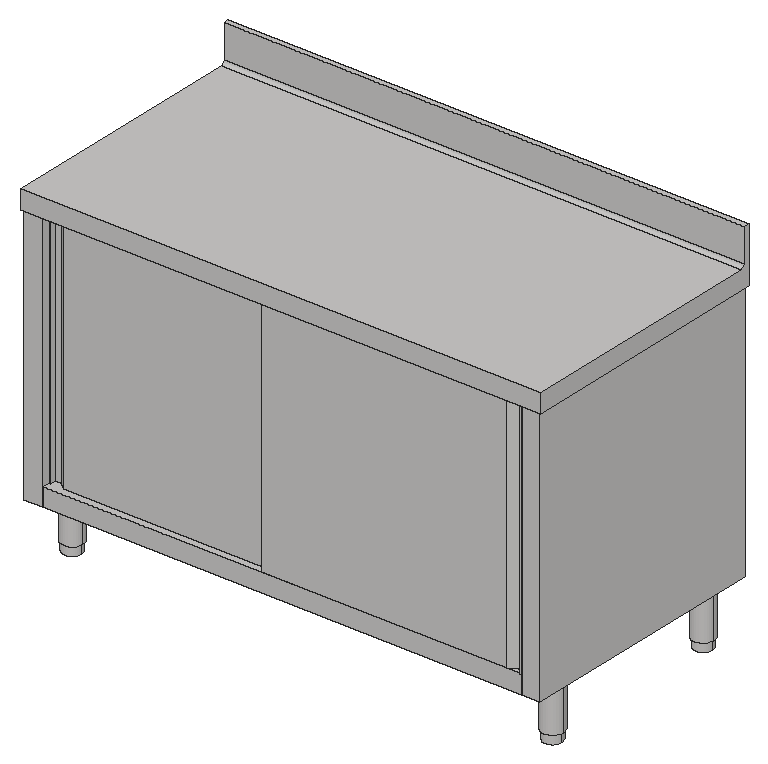
Revit family "QF_ELECTROLUXPROFESSIONAL_132864_MS1417N", category Attrezzature speciali, Revit 2020
Family settings
  Quota connettore circolare = Usa diametro
  Tipo di parte = Normale
  Basato su piano di lavoro = No
  Sempre verticale = Sì
  Taglio con vuoti quando caricato = No
  Condiviso = No
  Punto di calcolo locali = No
Parameters (values of type "Standard")
  Weight = 60.00 kg
  Watts = 0 W
  Volts = 0 V
  URL Manufacturer = "https://www.electroluxprofessional.com/"
  URL = "https://www.electroluxprofessional.com/"
  Steam Supply Size = 0 mm
  Steam Supply Minimum Pressure = 0.0 Pa
  Steam Supply Maximum Pressure = 0.0 Pa
  Steam Consumption per Hour = 0
  Refrigeration Suction Line Size = 0.0 mm
  Refrigeration Liquid Line Size = 0.0 mm
  Refrigerant Compressor Remote = yes
  Prospetto di default = 0.0 mm
  Produttore = "Electrolux Professional"
  Phase = 0
  Modello = "MS1417N"
  Length Actual = 1400.0 mm  # constant formula
  Item Number = "132864"
  Hot Water Size = 0 mm
  Height Actual = 1000.0 mm  # constant formula
  HP = "0 HP"
  Gas Size = 0 mm
  Gas KW = 0
  Gas Input Pressure = 0 W
  Direct Waste Size = 0 mm
  Descrizione = "WORKTOP CUPBOARD WITH UPSTAND 1400MM"
  Depth Actual = 700.0 mm  # constant formula
  Cycle = 0 Hz
  Condensate Return Size = 0 mm
  Compressed Air Volume = 0.0 L/s
  Compressed Air Size = 0 mm
  Compressed Air Pressure = 0.0 Pa
  Cold Water Size = 0 mm
  Accessory = yes
Reference planes
  plane 1 "Center (Front/Back)": y = 0
  plane 2: z = 0
  plane 3 "Center (Left/Right)": x = -200
  plane 4 "LEFT": x = -900
  plane 5 "RIGHT": x = 500
  plane 6 "BACK": y = 350
  plane 7 "FRONT": y = -350
  plane 8 "Base": z = 850
  plane 9 "TOP": z = 900
  plane 10: x = -846.9
  plane 11: x = 446.9
  plane 12: y = 264.5
  plane 13: y = -241.9
  plane 14 "BodyLeft": x = -894.5
  plane 15 "BodyFront": y = -344.5
  plane 16 "BodyRight": x = 494.5
  plane 17 "BodyBack": y = 344.5
  plane 18 "FEET": z = 150
  plane 19: x = -144.5
  plane 20: x = -255.5
Forms (mm)
  Extrusion 1, solid, material "QF_Finishes_Stainless Steel"
    sketch origin (-200, 0, 0) x (0, 1, 0) y (0, 0, 1)
      loop
        line (-350, 850) -> (350, 850) -> (350, 1000) -> (337, 1000) -> (337, 910)
        arc (337, 910) -> (334.071, 902.929) -> (327, 900) r 10
        line (327, 900) -> (-350, 900) -> (-350, 850)
    from 700 to -700
  Extrusion 2, solid, material "QF_Finishes_Stainless Steel"
    sketch origin (0, 0, 150) x (-1, 0, 0) y (0, -1, 0)
      loop
        line (894.5, -344.5) -> (894.5, 344.5) -> (844.5, 344.5) -> (844.5, -344.5) -> (894.5, -344.5)
      loop
        line (-444.5, -344.5) -> (-444.5, 344.5) -> (-494.5, 344.5) -> (-494.5, -344.5) -> (-444.5, -344.5)
    from 0 to 700
  Extrusion 3, solid, material "QF_Finishes_Stainless Steel"
    sketch origin (0, 0, 150) x (-1, 0, 0) y (0, -1, 0)
      loop
        line (843.585, -344.5) -> (843.585, 344.5) -> (-444.5, 344.5) -> (-444.5, -344.5) -> (843.585, -344.5)
    from 0 to 50
  Extrusion 4, solid, material "QF_Finishes_Stainless Steel"
    sketch origin (0, 0, 150) x (-1, 0, 0) y (0, -1, 0)
      loop
        line (843.585, -344.5) -> (843.585, -294.5) -> (-444.5, -294.5) -> (-444.5, -344.5) -> (843.585, -344.5)
    from 50 to 700
  Extrusion 5, solid, material "QF_Finishes_Stainless Steel"
    sketch origin (0, 0, 150) x (-1, 0, 0) y (0, -1, 0)
      loop
        line (-444.5, 344.5) -> (-444.5, 324.5) -> (255.5, 324.5) -> (255.5, 344.5) -> (-404.5, 344.5) -> (-424.5, 329.5) -> (-439.5, 329.5) -> (-439.5, 344.5) -> (-444.5, 344.5)
    from 50 to 700
  Extrusion 6, solid, material "QF_Finishes_Stainless Steel"
    sketch origin (0, 20, 150) x (1, 0, 0) y (0, 1, 0)
      loop
        line (-844.5, -344.5) -> (-839.5, -344.5) -> (-839.5, -329.5) -> (-824.5, -329.5) -> (-804.5, -344.5) -> (-144.5, -344.5) -> (-144.5, -324.5) -> (-844.5, -324.5) -> (-844.5, -344.5)
    from 50 to 700
Lines and regions (mm)
  symbolic lines
    curve 1: line (500, 350, 900) -> (-900, 350, 900)
    curve 2: line (-900, 350, 900) -> (-900, -350, 900)
    curve 3: line (-900, -350, 900) -> (500, -350, 900)
    curve 4: line (500, -350, 900) -> (500, 350, 900)
    curve 5: line (-900, 337, 900) -> (500, 337, 900)
  symbolic lines, style "SpecialityEquipmentHiddenLines"
    curve 6: line (-894.5, -344.5, 150) -> (-894.5, 344.5, 150)
    curve 7: line (-894.5, 344.5, 150) -> (494.5, 344.5, 150)
    curve 8: line (494.5, 344.5, 150) -> (494.5, -344.5, 150)
    curve 9: line (494.5, -344.5, 150) -> (-894.5, -344.5, 150)
    curve 10: line (-844.5, -304.5, 150) -> (-144.5, -304.5, 150)
    curve 11: line (-144.5, -304.5, 150) -> (-144.5, -324.5, 150)
    curve 12: line (444.5, -324.5, 150) -> (-844.5, -324.5, 150)
    curve 13: line (-844.5, -324.5, 150) -> (-844.5, -304.5, 150)
    curve 14: line (-255.5, -344.5, 150) -> (-255.5, -324.5, 150)
Dimensions and locks
  plane 4 "LEFT" to plane 5 "RIGHT" = 1400.0 mm
  equal spacing: plane 4 "LEFT", plane 3 "Center (Left/Right)", plane 5 "RIGHT"
  locked: plane 8 "Base" to level at 850
  locked: Extrusion 1 to level at 1000
  plane 9 "TOP" to level = 900.0 mm
  plane 6 "BACK" to plane 7 "FRONT" = 700.0 mm
  equal spacing: plane 6 "BACK", plane 1 "Center (Front/Back)", plane 7 "FRONT"
  locked: plane 4 "LEFT" to plane 14 "BodyLeft" at 5.5
  locked: plane 16 "BodyRight" to plane 5 "RIGHT" at 5.5
  locked: plane 15 "BodyFront" to plane 7 "FRONT" at 5.5
  locked: plane 6 "BACK" to plane 17 "BodyBack" at 5.5
  locked: plane 14 "BodyLeft" to plane 10 at 47.6
  locked: plane 11 to plane 16 "BodyRight" at 47.6
  locked: plane 13 to plane 15 "BodyFront" at 102.6
  locked: plane 17 "BodyBack" to plane 12 at 80
  plane 10 to plane 11 = 1293.8 mm
  plane 12 to plane 13 = 506.4 mm
  locked: plane 14 "BodyLeft" to Extrusion 2 sketch curve at 50
  locked: Extrusion 2 sketch curve to Extrusion 2 sketch curve at 50
  Extrusion 3 to Extrusion 4 sketch curve = 50.0 mm
  Extrusion 2 to plane 19 = 700.0 mm
  plane 20 to Extrusion 2 = 700.0 mm
  locked: plane 18 "FEET" to level at 150
  aligned and locked: level to plane 2
  aligned and locked: plane 10 to nested 1
  aligned and locked: nested 1 to plane 13
  aligned and locked: plane 11 to nested 2
  aligned and locked: nested 2 to plane 13
  aligned and locked: plane 11 to nested 4
  aligned and locked: nested 4 to plane 12
  aligned and locked: plane 10 to nested 3
  aligned and locked: nested 3 to plane 12
  aligned and locked: Extrusion 1 to plane 4 "LEFT"
  aligned and locked: plane 5 "RIGHT" to Extrusion 1
  aligned and locked: curve 2 to plane 4 "LEFT"
  aligned and locked: plane 17 "BodyBack" to Extrusion 2 sketch curve
  aligned and locked: Extrusion 2 sketch curve to plane 15 "BodyFront"
  aligned and locked: Extrusion 2 sketch curve to plane 14 "BodyLeft"
  aligned and locked: plane 16 "BodyRight" to Extrusion 2 sketch curve
  aligned and locked: Extrusion 2 sketch curve to plane 17 "BodyBack"
  aligned and locked: plane 15 "BodyFront" to Extrusion 2 sketch curve
  aligned and locked: Extrusion 3 sketch curve to plane 17 "BodyBack"
  aligned and locked: plane 15 "BodyFront" to Extrusion 3 sketch curve
  aligned and locked: plane 8 "Base" to Extrusion 2
  aligned and locked: plane 8 "Base" to Extrusion 5
  aligned and locked: Extrusion 5 to Extrusion 3
  aligned and locked: Extrusion 6 sketch curve to plane 19
  aligned and locked: Extrusion 5 sketch curve to plane 20
  aligned and locked: curve 7 to plane 17 "BodyBack"
  aligned and locked: Extrusion 2 to plane 14 "BodyLeft"
  aligned and locked: plane 16 "BodyRight" to curve 8
  aligned and locked: plane 15 "BodyFront" to curve 9
Automatic sketch dimensions
  curve 3 to plane 7 "FRONT" = 0.0 mm
  curve 5 to plane 5 "RIGHT" = 0.0 mm
  curve 4 to plane 6 "BACK" = 0.0 mm
  curve 5 to plane 17 "BodyBack" = 7.5 mm
  Extrusion 1 sketch curve to plane 7 "FRONT" = 0.0 mm
  Extrusion 1 sketch curve to plane 9 "TOP" = 0.0 mm
  Extrusion 1 sketch curve to plane 6 "BACK" = 0.0 mm
  Extrusion 1 sketch curve to plane 8 "Base" = 0.0 mm
  Extrusion 1 sketch curve to plane 17 "BodyBack" = 17.5 mm
  Extrusion 1 sketch curve to plane 17 "BodyBack" = 7.5 mm
  Extrusion 1 sketch curve to Extrusion 1 sketch curve = 90.0 mm
  Extrusion 5 sketch curve to plane 15 "BodyFront" = 0.0 mm  (x2)
  Extrusion 5 sketch curve to plane 11 = 2.4 mm
  Extrusion 5 sketch curve to Extrusion 5 sketch curve = 5.0 mm
  Extrusion 5 sketch curve to Extrusion 5 sketch curve = 15.0 mm
  Extrusion 5 sketch curve to Extrusion 5 sketch curve = 20.0 mm
  plane 15 "BodyFront" to Extrusion 5 sketch curve = 15.0 mm
  plane 15 "BodyFront" to Extrusion 5 sketch curve = 20.0 mm
  Extrusion 6 sketch curve to plane 15 "BodyFront" = 20.0 mm  (x2)
  Extrusion 6 sketch curve to plane 10 = 2.4 mm
  Extrusion 6 sketch curve to Extrusion 6 sketch curve = 5.0 mm
  Extrusion 6 sketch curve to Extrusion 6 sketch curve = 15.0 mm
  Extrusion 6 sketch curve to Extrusion 6 sketch curve = 20.0 mm  (x2)
  Extrusion 6 sketch curve to plane 15 "BodyFront" = 35.0 mm
  Extrusion 3 sketch curve to plane 11 = 2.4 mm
  plane 10 to Extrusion 3 sketch curve = 3.315 mm
  Extrusion 4 sketch curve to plane 11 = 2.4 mm
  plane 10 to Extrusion 4 sketch curve = 3.315 mm
  curve 10 to plane 19 = 0.0 mm
  curve 14 to plane 20 = 0.0 mm
  curve 7 to plane 14 "BodyLeft" = 0.0 mm
  plane 10 to curve 13 = 2.4 mm
  curve 10 to curve 13 = 20.0 mm
  curve 12 to plane 11 = 2.4 mm
  plane 15 "BodyFront" to curve 14 = 20.0 mm
Nested families
  nested 1: "FEET_D58-150" at (-846.9, -241.9, 0), type "FEET_D58-150"
  nested 2: "FEET_D58-150" at (446.9, -241.9, 0), type "FEET_D58-150"
  nested 3: "FEET_D58-150" at (-846.9, 264.5, 0), type "FEET_D58-150"
  nested 4: "FEET_D58-150" at (446.9, 264.5, 0), type "FEET_D58-150"
Definition of nested family "FEET_D58-150"
  Parameters
    Default Elevation = 0.0 mm
    FEET = 150.0 mm
  Reference planes
    plane 1 "Center (Front/Back)": y = 0
    plane 2: z = 0
    plane 3 "Center (Left/Right)": x = 0
    plane 4: z = 150
  Forms (mm)
    Extrusion 1, solid
      sketch origin (0, 0, 0) x (1, 0, 0) y (0, 1, 0)
        loop
          circle (0, 0) r 25
      from 0 to 25
    Extrusion 2, solid
      sketch origin (0, 0, 0) x (1, 0, 0) y (0, 1, 0)
        loop
          circle (0.061, 0) r 29
      from 25 to 150 <- "FEET"
  Lines and regions (mm)
    symbolic lines
      curve 1: line (0, -1.503, 0) -> (0, 1.508, 0)
      curve 2: line (1.561, 0, 0) -> (-1.439, 0, 0)
  Dimensions and locks
    "FEET": plane 4 to plane 2
    aligned and locked: level to plane 2
  Automatic sketch dimensions
    plane 1 "Center (Front/Back)" to Extrusion 1 sketch curve = 0.0 mm
    Extrusion 1 sketch curve to plane 3 "Center (Left/Right)" = 0.0 mm
    plane 1 "Center (Front/Back)" to curve 2 = 0.0 mm
    curve 1 to plane 3 "Center (Left/Right)" = 0.0 mm
    curve 2 to plane 3 "Center (Left/Right)" = 1.439 mm
    plane 3 "Center (Left/Right)" to curve 2 = 1.561 mm
    plane 1 "Center (Front/Back)" to curve 1 = 1.503 mm
    curve 1 to plane 1 "Center (Front/Back)" = 1.508 mm
    plane 1 "Center (Front/Back)" to Extrusion 2 sketch curve = 0.0 mm
    plane 3 "Center (Left/Right)" to Extrusion 2 sketch curve = 0.061 mm
    radius of Extrusion 1 sketch curve = 25.0 mm
    radius of Extrusion 2 sketch curve = 29.0 mm
